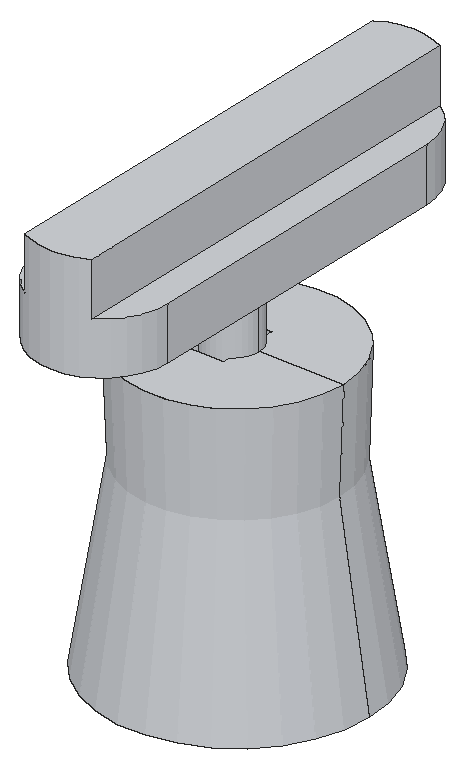
Revit family "S90-SPOT BL 2000 DALI 930 15°_Unhosted", category Lighting Fixtures, Revit 2016
Family settings
  Part Type = Normal
  Round Connector Dimension = Use Diameter
  OmniClass Number = 23.80.70.00
  OmniClass Title = Lighting
  Work Plane-Based = Yes
  Always vertical = Yes
  Cut with Voids When Loaded = No
  Light Source = Yes
  Shared = No
  Room Calculation Point = No
Parameters
  Wiring Accessories = ""
  Width = 100 mm
  Wattage Comments = ""
  Wattage = 19 W
  VoltageMax = 240 V
  built-in parameter 1150110 = 1 (stored number, unit not read)
  Voltage = 220 V
  UpdateDate = "16.10.2020 07:42:45"
  URL UK = "http://glamox.com/uk/products/S90-SPOT"
  URL Sweden = "http://glamox.com/se/produkter/S90-SPOT/items/S90225514"
  URL Russia = "http://glamox.com/ru/products/S90-SPOT/items/S90225514"
  URL Other = "http://glamox.com/gsx/products/S90-SPOT/items/S90225514"
  URL Norway = "http://glamox.com/no/produkter/S90-SPOT/items/S90225514"
  URL Ireland = "http://glamox.com/ie/products/S90-SPOT"
  URL Germany = "http://glamox.com/de/products/S90-SPOT"
  URL Finland = "http://glamox.com/fi/products/S90-SPOT"
  URL Estonia = "http://glamox.com/ee/products/S90-SPOT"
  URL Denmark = "http://glamox.com/dk/produkter/S90-SPOT"
  URL = ""
  TypeOfEmergency = ""
  TypeOfBallast = "DALI"
  TotalWattage = 19 W
  Total Load = 19 W
  built-in parameter 1114217 = 1 (stored number, unit not read)
  Tilt Angle = 90.00°
  Termination = ""
  built-in parameter 1150109 = 1 (stored number, unit not read)
  built-in parameter 1150134 = 3
  built-in parameter 1150113 = 1 (stored number, unit not read)
  Specification = "Spotlight luminaries, in Aluminium, for Surface/Track mounting, IP20, light source LED, lumen out 2310lm, ballast type DALI."
  Remark = ""
  RatedVoltage = 220 V
  PowerFactor = 98.00%
  Power factor = 0.98
  Power Factor = 0.98
  Plug Type = ""
  Photometric Web File = "S90-SPOT-2000-DALI-930-15.ies"
  Optic = ""
  NumberOfSources = 1
  Number of Poles = 1
  built-in parameter 1150142 = "IESNA:LM-63-1995\r\n[TEST]\t\t225510\r\n[MANUFAC]\tGlamox\r\n[LUMCAT]\t225510\r\n[LUMINAIRE]\tS90-SPOT 2000 DALI 930 15�\r\n[LAMP]\t\tS90-S 2000 930\r\n[DATE]\t\t2020-10-02\r\nTILT=NONE\r\n1 2310.0 2.310 181 1 1 2 -0.07 -0.07 0\r\n1.0 1 19.0\r\n0.0 1.0 2.0 3.0 4.0 5.0 6.0 7.0 8.0 9.0 10.0 11.0 12.0 13.0 14.0 15.0 16.0 17.0 18.0 19.0 20.0 21.0 22.0 23.0 24.0 25.0 26.0 27.0\r\n 28.0 29.0 30.0 31.0 32.0 33.0 34.0 35.0 36.0 37.0 38.0 39.0 40.0 41.0 42.0 43.0 44.0 45.0 46.0 47.0 48.0 49.0 50.0 51.0 52.0 53.0\r\n 54.0 55.0 56.0 57.0 58.0 59.0 60.0 61.0 62.0 63.0 64.0 65.0 66.0 67.0 68.0 69.0 70.0 71.0 72.0 73.0 74.0 75.0 76.0 77.0 78.0 79.0\r\n 80.0 81.0 82.0 83.0 84.0 85.0 86.0 87.0 88.0 89.0 90.0 91.0 92.0 93.0 94.0 95.0 96.0 97.0 98.0 99.0 100.0 101.0 102.0 103.0 104.0\r\n 105.0 106.0 107.0 108.0 109.0 110.0 111.0 112.0 113.0 114.0 115.0 116.0 117.0 118.0 119.0 120.0 121.0 122.0 123.0 124.0 125.0\r\n 126.0 127.0 128.0 129.0 130.0 131.0 132.0 133.0 134.0 135.0 136.0 137.0 138.0 139.0 140.0 141.0 142.0 143.0 144.0 145.0 146.0\r\n 147.0 148.0 149.0 150.0 151.0 152.0 153.0 154.0 155.0 156.0 157.0 158.0 159.0 160.0 161.0 162.0 163.0 164.0 165.0 166.0 167.0\r\n 168.0 169.0 170.0 171.0 172.0 173.0 174.0 175.0 176.0 177.0 178.0 179.0 180.0\r\n0.0\r\n6475.8 6242.3 5958.5 5674.8 5391.1 5107.3 4647.5 4058.2 3468.9 2879.6 2290.3 1758.7 1547.9 1345.6 1143.4 941.1 738.9 646.2 597.1\r\n 548.0 498.8 449.7 410.6 398.0 385.5 372.8 360.2 347.7 338.3 329.5 320.7 311.9 303.1 285.3 254.8 224.3 193.8 163.3 133.2 110.3\r\n 88.7 67.1 45.5 26.4 16.9 15.0 13.2 11.3 9.7 8.9 8.4 8.0 7.5 7.2 6.9 6.7 6.4 6.1 5.9 5.6 5.4 0.0 0.0 0.0 0.0 0.0 0.0 0.0 0.0 0.0\r\n 0.0 0.0 0.0 0.0 0.0 0.0 0.0 0.0 0.0 0.0 0.0 0.0 0.0 0.0 0.0 0.0 0.0 0.0 0.0 0.0 0.0 0.0 0.0 0.0 0.0 0.0 0.0 0.0 0.0 0.0 0.0 0.0\r\n 0.0 0.0 0.0 0.0 0.0 0.0 0.0 0.0 0.0 0.0 0.0 0.0 0.0 0.0 0.0 0.0 0.0 0.0 0.0 0.0 0.0 0.0 0.0 0.0 0.0 0.0 0.0 0.0 0.0 0.0 0.0 0.0\r\n 0.0 0.0 0.0 0.0 0.0 0.0 0.0 0.0 0.0 0.0 0.0 0.0 0.0 0.0 0.0 0.0 0.0 0.0 0.0 0.0 0.0 0.0 0.0 0.0 0.0 0.0 0.0 0.0 0.0 0.0 0.0 0.0\r\n 0.0 0.0 0.0 0.0 0.0 0.0 0.0 0.0 0.0 0.0 0.0 0.0 0.0 0.0 0.0\r\n\r\n"
  NominalFrequencyRange = 50 Hz
  ModelReference = "S90-SPOT"
  ModelLabel = "S90-SPOT BL 2000 DALI 930 15°"
  MaintenanceFactor = 0
  MFArtNo = "S90225514"
  built-in parameter 1150105 = 183.82 (stored number, unit not read)
  Lumens = 2310 lm
  built-in parameter 1150115 = 1 (stored number, unit not read)
  LumLenght = 80 mm
  Load Classification [instance] = Other
  Model = ""
  Manufacturer = "Glamox"
  LightFixturePlacingType = "CEILING"
  LightFixtureMountingType = "TRACKMOUNTED"
  built-in parameter 1150137 = (empty or 0)
  built-in parameter 1150139 = (empty or 0)
  LampBase = ""
  Lamp Wattage Comments = ""
  built-in parameter 1150112 = 1 (stored number, unit not read)
  built-in parameter 1150114 = 1 (stored number, unit not read)
  Lamp = "LED"
  built-in parameter 1150132 = 2
  built-in parameter 1150102 = (empty or 0)
  built-in parameter 1150107 = 3200 (stored number, unit not read)
  built-in parameter 1150138 = (empty or 0)
  built-in parameter 1150106 = 1.8382 (stored number, unit not read)
  IP_Code = "20"
  IPClass = "20"
  IK_Code = ""
  IFC Classification = "Light Fixture"
  Height = 157 mm
  GlobalTradeItemNumber = "7020940420921"
  Glamox Mounting = "Surface"
  Glamox Family = "S90-SPOT"
  Glamox Category = "Spotlights"
  FrequencyMax = 60 Hz
  Frequency = 50 Hz
  Expired = "0"
  Emit from Circle Diameter = LumLenght  # 80 mm
  Emit Shape Visible in Rendering = no
  built-in parameter 1150104 = 11.295 (stored number, unit not read)
  ELNo Norway = ""
  ELNo Finland = ""
  EANNo = "7020940420921"
  DurationInBatteryMode = ""
  Dimming Lamp Color Temperature Shift = <None>
  Description = "S90-SPOT BL 2000 DALI 930 15°"
  Default Elevation = 1800 mm
  Cut Out = ""
  Completion = ""
  Color Filter = 16777215
  Body Material and Colour = Default
  built-in parameter 1114218 = 1 (stored number, unit not read)
  built-in parameter 1150133 = 10 (stored number, unit not read)
  Assembly Code = ""
  ArticleNumber = "S90225514"
  Apparent Load = 17 VA
  #Tubes = 1
  #Ballast = 1
  # ballast on a MCB16 type B fuse = "60"
Reference planes
  plane 1 "Light Source Axis (F/B)": y = 152.873
  plane 2 "Top": z = 150
  plane 3 "Light Source Axis (L/R)": x = -142.881
  plane 4 "Level": z = 0
  plane 5: x = -101.916
  plane 6: x = -181.916
Forms (mm)
  Extrusion 1, solid, not visible
    sketch origin (-129.684, 239.416, 0) x (1, 0, 0) y (0, 1, 0)
      loop
        line (-17.232, 209.833) -> (-17.232, 149.833) -> (-7.232, 149.833) -> (-7.232, 209.833) -> (-17.232, 209.833)
    from 0 to 25
  Extrusion 2, solid, not visible
    sketch origin (-129.684, 239.416, 0) x (1, 0, 0) y (0, 1, 0)
      loop
        line (-27.232, 209.833) -> (-27.232, 149.833) -> (2.768, 149.833) -> (2.768, 209.833) -> (-27.232, 209.833)
    from -10 to 0
  Extrusion 3, solid, not visible
    sketch origin (-129.684, 239.416, 0) x (1, 0, 0) y (0, 1, 0)
      loop
        circle (-12.232, 162.289) r 12.544
    from -18 to -10
  Blend 4, solid, not visible
    base sketch origin (-129.684, 239.416, 0) x (1, 0, 0) y (0, 1, 0)
      loop
        line (37.768, 220.598) -> (-62.232, 220.598) -> (-62.232, 174.833) -> (37.768, 174.833) -> (37.768, 220.598)
    top sketch origin (-129.684, 239.416, 0) x (1, 0, 0) y (0, 1, 0)
      loop
        line (-52.232, 216.058) -> (-52.232, 179.833) -> (27.768, 179.833) -> (27.768, 216.058) -> (-52.232, 216.058)
    from -18 to -148
  Extrusion 5, solid, not visible
    sketch origin (-129.684, 124.833, 0) x (1, 0, 0) y (0, 0, 1)
      loop
        arc (-52.232, -148) -> (-12.232, -163) -> (27.768, -148) r 60.833
        line (27.768, -148) -> (-52.232, -148)
    from -330.641 to -294.416
  Blend 6, solid, not visible
    base sketch origin (-129.684, 124.833, 0) x (1, 0, 0) y (0, 0, 1)
      loop
        line (-60.45, -41.166) -> (35.986, -41.166) -> (37.768, -18) -> (-62.232, -18) -> (-60.45, -41.166)
    top sketch origin (-129.684, 124.833, 0) x (1, 0, 0) y (0, 0, 1)
      loop
        line (-62.232, -41.166) -> (37.768, -41.166) -> (37.768, -18) -> (-62.232, -18) -> (-62.232, -41.166)
    from -294.416 to -264.416
  Extrusion 7, solid, not visible
    sketch origin (-129.684, 239.416, 0) x (1, 0, 0) y (0, 1, 0)
      loop
        arc (-62.232, 149.833) -> (-12.232, 141.833) -> (37.768, 149.833) r 160.25
        line (37.768, 149.833) -> (-62.232, 149.833)
    from -41.166 to -18
  Extrusion 8, solid, not visible
    sketch origin (-58.315, 239.416, 0) x (1, 0, 0) y (0, 1, 0)
      loop
        line (-17.232, 209.833) -> (-17.232, 149.833) -> (-7.232, 149.833) -> (-7.232, 209.833) -> (-17.232, 209.833)
    from 0 to 25
  Extrusion 9, solid, not visible
    sketch origin (-58.315, 239.416, 0) x (1, 0, 0) y (0, 1, 0)
      loop
        line (-27.232, 209.833) -> (-27.232, 149.833) -> (2.768, 149.833) -> (2.768, 209.833) -> (-27.232, 209.833)
    from -10 to 0
  Extrusion 10, solid, not visible
    sketch origin (-58.315, 239.416, 0) x (1, 0, 0) y (0, 1, 0)
      loop
        circle (-12.232, 162.289) r 12.544
    from -18 to -10
  Blend 11, solid, not visible
    base sketch origin (-58.315, 239.416, 0) x (1, 0, 0) y (0, 1, 0)
      loop
        line (37.768, 220.598) -> (-62.232, 220.598) -> (-62.232, 174.833) -> (37.768, 174.833) -> (37.768, 220.598)
    top sketch origin (-58.315, 239.416, 0) x (1, 0, 0) y (0, 1, 0)
      loop
        line (-52.232, 216.058) -> (-52.232, 179.833) -> (27.768, 179.833) -> (27.768, 216.058) -> (-52.232, 216.058)
    from -18 to -148
  Extrusion 12, solid, not visible
    sketch origin (-58.315, 124.833, 0) x (1, 0, 0) y (0, 0, 1)
      loop
        arc (-52.232, -148) -> (-12.232, -163) -> (27.768, -148) r 60.833
        line (27.768, -148) -> (-52.232, -148)
    from -330.641 to -294.416
  Blend 13, solid, not visible
    base sketch origin (-58.315, 124.833, 0) x (1, 0, 0) y (0, 0, 1)
      loop
        line (-60.45, -41.166) -> (35.986, -41.166) -> (37.768, -18) -> (-62.232, -18) -> (-60.45, -41.166)
    top sketch origin (-58.315, 124.833, 0) x (1, 0, 0) y (0, 0, 1)
      loop
        line (-62.232, -41.166) -> (37.768, -41.166) -> (37.768, -18) -> (-62.232, -18) -> (-62.232, -41.166)
    from -294.416 to -264.416
  Extrusion 14, solid, not visible
    sketch origin (-58.315, 239.416, 0) x (1, 0, 0) y (0, 1, 0)
      loop
        arc (-62.232, 149.833) -> (-12.232, 141.833) -> (37.768, 149.833) r 160.25
        line (37.768, 149.833) -> (-62.232, 149.833)
    from -41.166 to -18
  Revolve 15, solid
    sketch origin (-140.07, 150, 149.693) x (-1, 0, 0) y (0, 0, -1)
      loop
        line (0, 142) -> (-40, 142) -> (-48.5, 157) -> (-50, 157)
        spline (-50, 157) -> (-46.252, 136.273) -> (-43.426, 120.352) -> (-41.393, 108.498) -> (-40.024, 99.971) -> (-39.194, 94.031) -> (-38.772, 89.94) -> (-38.632, 86.956) -> (-38.657, 84.265) -> (-38.811, 80.546) -> (-39.089, 74.277) -> (-39.487, 63.937) -> (-40, 48)
        line (-40, 48) -> (0, 48) -> (0, 142)
      axis (0, 157) -> (0, 48)
    angle from 0 to 360
  Extrusion 16, solid
    sketch origin (-142.038, 150, 149.598) x (-1, 0, 0) y (0, 0, -1)
      loop
        line (-24.5, 20) -> (-24.5, 0) -> (-12.5, 0) -> (-12.5, -20) -> (12.5, -20) -> (12.5, 0) -> (24.5, 0) -> (24.5, 20) -> (-24.5, 20)
    from -85.5 to 85.5
  Extrusion 17, void
    sketch origin (-142.038, 150, 149.598) x (0, 1, 0) y (-1, 0, 0)
      loop
        line (61, -40) -> (95.5, -40) -> (95.5, 45) -> (61, 45) -> (61, 24.5)
        arc (61, 24.5) -> (85.5, 0) -> (61, -24.5) r 24.5
        line (61, -24.5) -> (61, -40)
    from -20 to 20
  Extrusion 18, void
    sketch origin (-142.038, 150, 149.598) x (0, 1, 0) y (-1, 0, 0)
      loop
        line (-61, -40) -> (-61, -24.5)
        arc (-61, -24.5) -> (-85.5, 0) -> (-61, 24.5) r 24.5
        line (-61, 24.5) -> (-61, 45) -> (-95.5, 45) -> (-95.5, -40) -> (-61, -40)
    from -20 to 20
  Extrusion 19, solid
    sketch origin (-142.038, 150, 149.598) x (0, 1, 0) y (-1, 0, 0)
      loop
        circle (0, 0) r 10
    from -87.601 to -20
  Extrusion 20, void
    sketch origin (-205.73, 150, 149.693) x (0, 1, 0) y (0, 0, -1)
      loop
        line (-11.27, 48) -> (11.211, 48) -> (11.211, 75.942)
        arc (11.211, 75.942) -> (-0.03, 87.183) -> (-11.27, 75.942) r 11.241
        line (-11.27, 75.942) -> (-11.27, 48)
    from -69.547 to -24.761
Cuts and joins
  Extrusion 17, Extrusion 18 cuts Extrusion 16
  Extrusion 20 cuts Revolve 15
Lines and regions (mm)
  symbolic lines
    curve 1: circle (-142.881, 152.873, 0) r 49.326 normal (0, 0, 1)
    curve 2: arc (-203.555, 152.873, 0) -> (-143.555, 212.873, 0) -> (-83.555, 152.873, 0) r 60
    curve 3: line (-142.881, 152.873, 0) -> (-177.76, 117.995, 0)
    curve 4: line (-142.881, 152.873, 0) -> (-177.76, 187.752, 0)
    curve 5: line (-142.881, 152.873, 0) -> (-108.002, 187.752, 0)
    curve 6: line (-142.881, 152.873, 0) -> (-108.002, 117.995, 0)
Dimensions and locks
  locked: plane 1 "Light Source Axis (F/B)" to curve 3 (angle 45.00°)
  locked: curve 4 to plane 1 "Light Source Axis (F/B)" (angle 45.00°)
  locked: curve 5 to curve 4 (angle 90.00°)
  locked: curve 3 to curve 6 (angle 90.00°)
  aligned and locked: imposter light to plane 3 "Light Source Axis (L/R)"
  aligned and locked: imposter light to plane 1 "Light Source Axis (F/B)"
  aligned and locked: Extrusion 18 to Extrusion 17
Connectors
  electrical at (-160.538, 150, 149.598), driven by "Load Classification", driven by "Voltage", driven by "Apparent Load", driven by "Power factor"
    settings: on cut or joined group of Extrusion 16, Extrusion 17, Extrusion 18, index 1, voltage 220 V, apparent load 0 VA, apparent load phase1 17 VA, apparent load phase2 0 VA, apparent load phase3 0 VA, power factor 0.98, load classification "Other", number of poles 1, system type 31, power factor state 1, is connector primary yes, connector utility no, sub classification motor no, connector description ""
